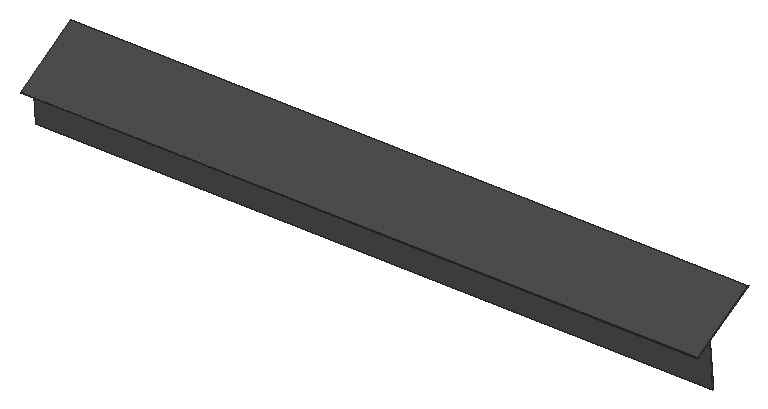
Revit family "BIMLIB_ПланкаКарнизнаяФальц_GRANDLINE", category Обобщенные модели, Revit 2017
Family settings
  Может служить основой для арматурных стержней = Нет
  Размер круглого соединителя = Использовать диаметр
  Тип детали = Нормальный
  При загрузке вырезать с полостями = Нет
  Общий = Нет
  Точка расчета площади = Нет
Parameters (values of type "Планка карнизная фальц 130х80")
  Смещение = 0 mm
  Описание = ADSK_Наименование  # "Планка карнизная фальц 130х80"
  Кровля_Угол [instance] = 30.00°
  Изготовитель = [ADSK_Завод-изготовитель]  # "Grand Line"
  built-in parameter 1001306 [instance] = 1200 mm
  Watermark [instance] = "Модели защищены уникальным кодом"
  URL = "https://www.grandline.ru"
  BL_Разработано = "support@bimlib.pro"
  BL_Email = "info@grandline.ru"
  BL_BIM library = "https://bimlib.pro/manufacturer/company/22430"
  ADSK_Размер_Длина [instance] = [built-in parameter 1001306]  # 1200 mm
  ADSK_Обозначение = "ГОСТ 19904-90, ГОСТ 14918-80"
  ADSK_Наименование = "Планка карнизная фальц 130х80"
  ADSK_Материал тип подсчета = 1  # constant formula
  ADSK_Материал = GL_Сталь_RAL9005
  ADSK_Масса_Текст [instance] = ""
  ADSK_Масса [instance] = 0
  ADSK_Марка = ""
  ADSK_Количество [instance] = if(ADSK_Материал тип подсчета = 0, 1, if(ADSK_Материал тип подсчета = 1, ADSK_Размер_Длина / 1000 mm, 0))  # 1.2
  ADSK_Код изделия = "М15.025.002"  # constant formula
  ADSK_Завод-изготовитель = "Grand Line"  # constant formula
  ADSK_Единица измерения = "м"  # constant formula
  ADSK_Группирование = "Доборные элементы"  # constant formula
  ADSK_Версия Revit = "2017"  # constant formula
  ADSK_URL страницы изделия = ""
  ADSK_URL документации изделия = ""
Reference planes
  plane 1 "По центру (Вперед/Назад)": y = 0
  plane 2: z = 0
  plane 3 "Слева": x = 0
  plane 4 "Справа": x = 1200
Forms (mm)
  Sweep 1, solid, material "GL_Сталь_RAL9005" <- "ADSK_Материал"
    path in 3D
      loop
        line (0, 0, 0) -> (1200, 0, 0)
    profile "Профиль_ПланкаКарнизнаяФальц : Тип 1" origin (600, 0, 0) x (0, 1, 0) y (0, 0, 1)
      loop
        line (85.515, 49.372) -> (85.115, 50.065) -> (-27.468, -14.935) -> (-26.668, -16.321) -> (-0.688, -1.321) -> (6.176, -79.765) -> (7.769, -79.626) -> (6.898, -69.664) -> (6.101, -69.734) -> (0, 0) -> (85.515, 49.372)
Lines and regions (mm)
  reference lines
    curve 1: line (0, 0, 0) -> (1200, 0, 0)
  sketch lines
    curve 2: line (0, 0, 0) -> (1200, 0, 0)
Dimensions and locks
  "built-in parameter 1001306": plane 3 "Слева" to plane 4 "Справа"
  aligned and locked: plane 4 "Справа" to curve 1
  aligned and locked: plane 1 "По центру (Вперед/Назад)" to curve 1
  aligned and locked: plane 3 "Слева" to curve 1
  aligned and locked: level to plane 2
